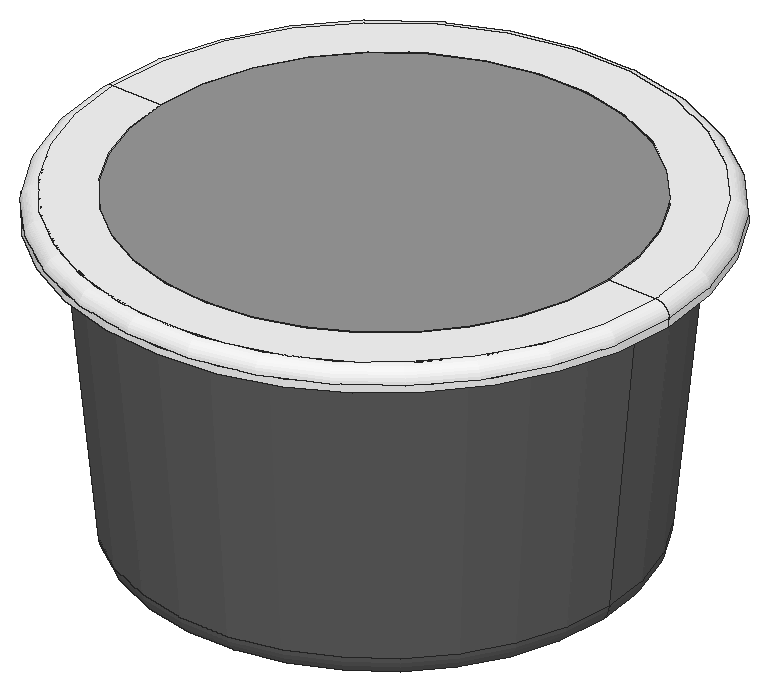
Revit family "3098117 Lighting Fixture_Sylvania_Insaver LED II 150 High_Ceiling Recessed", category Lighting Fixtures, host Face, Revit 2017
Family settings
  Host = Face
  Round Connector Dimension = Use Diameter
  Part Type = Normal
  OmniClass Number = 23.80.70.11.17
  OmniClass Title = Specialized Lighting by Location or Use
  Cut with Voids When Loaded = No
  Light Source = Yes
  Shared = No
  Room Calculation Point = No
Parameters (values of type "Insaver LED II 150 High Output NW 1-10")
  Ta Rating = "0°C to 55°C"  # constant formula
  Reflector Radius = Body Radius - 2.0 mm  # 73.0 mm
  Reflector Material = Metal_Sylvania_Insaver LED II_Polished
  Radius = Diameter / 2  # 84.5 mm
  LOR = "100%"  # constant formula
  IP Rating = "IP23 (44 with accessory)"  # constant formula
  Height = 87.0 mm
  Glare Control = "UGR <19 (using accessory)"  # constant formula
  Energy Class = "A++,A+,A"  # constant formula
  Weight = 0 kg
  Wattage = 24.7423 W
  built-in parameter 1150110 = 1 (stored number, unit not read)
  Voltage Comments = "UNV (Universal Voltage; 220-240 Volt)"  # constant formula
  Voltage = 230 V  # constant formula
  URL = "http://www.sylvania-lighting.com"
  built-in parameter 1114217 = 1 (stored number, unit not read)
  Tilt Angle = -90°
  built-in parameter 1150109 = 1 (stored number, unit not read)
  built-in parameter 1150134 = 12
  built-in parameter 1150113 = 1 (stored number, unit not read)
  Product Page URL = "http://www.sylvania-lighting.com/product/en-int/products/3098117"
  Product Family = "INSAVER LED II 150"  # constant formula
  Photometry Comments = ""
  Photometric Web File = "3098117_InsaverLEDII150HighOutputNW1-10-200607.ies"
  Life = "50 000 h"  # constant formula
  Emit from Circle Diameter = Diffuser Diameter  # 133.0 mm
  Emit Shape Visible in Rendering = no
  Drive Current = "900mA"  # constant formula
  Distribution type = "Direct - symmetrical"  # constant formula
  Diffuser Material = Glass_Sylvania_Insaver LED II_4000K
  Diffuser Diameter = Diameter - 36.0 mm  # 133.0 mm
  Diameter = 169.0 mm
  Cutout Diameter = Diameter - 19.0 mm  # 150.0 mm
  Colour consistency (SDCM) = "3 step"  # constant formula
  built-in parameter 1114216 [instance] = 1 (stored number, unit not read)
  Model = "Insaver LED II 150 High Output NW 1-10"
  Manufacturer = "Feilo Sylvania"
  built-in parameter 1150105 = 190.99 (stored number, unit not read)
  Lumens = 2400 lm
  built-in parameter 1150115 = 1 (stored number, unit not read)
  built-in parameter 1150137 = (empty or 0)
  built-in parameter 1150139 = (empty or 0)
  built-in parameter 1150112 = 1 (stored number, unit not read)
  built-in parameter 1150114 = 1 (stored number, unit not read)
  Lamp Comments = "Integrated LED"  # constant formula
  Lamp = ""
  built-in parameter 1150132 = 2
  built-in parameter 1150102 = (empty or 0)
  built-in parameter 1150107 = 4000 (stored number, unit not read)
  built-in parameter 1150138 = (empty or 0)
  built-in parameter 1150106 = 1.9099 (stored number, unit not read)
  CRI ( Ra ) = 80  # constant formula
  Body Material = Plastic_Sylvania_Insaver LED II_Black
  built-in parameter 1150104 = 9.0116 (stored number, unit not read)
  Dimming Lamp Color Temperature Shift = <None>
  Description = "Circular LED downlight with up to 114lm/W efficacy and 2,400 luminaire lumen output. Innovative easy installation system allows for a rapid, single point installation. For 150mm cut outs. IP44 or UGR<19 compliant with additional accessories. 3 hour emergency and surface mounted versions available. Plus3 version includes Wieland GST connector."  # constant formula
  Default Elevation = 0.0 mm
  Color Filter = 16777215
  Catalog Number = "3098117 Insaver LED II 150 High Output NW 1-10"
  built-in parameter 1140040 [instance] = 1
  Body Radius = Cutout Diameter / 2  # 75.0 mm
  Beam Angle = 76°  # constant formula
  built-in parameter 1114218 = 1 (stored number, unit not read)
  built-in parameter 1150133 = 10 (stored number, unit not read)
  Assembly Code = "D5020200"
  Apparent Load Comments = ""
  Apparent Load = 22 VA
  Accessory Material = Plastic_Sylvania_Insaver LED II_White
Reference planes
  plane 1 "Center (Front/Back)": y = 0
  plane 2: z = 0
  plane 3 "Center (Left/Right)": x = 0
  plane 4 "Fixture Top": z = -87
  plane 5 "Fixture Bottom": z = 6
  plane 6 "Reflector Top": z = -60
Forms (mm)
  Extrusion 1, void
    sketch origin (0, 0, 0) x (1, 0, 0) y (0, 1, 0)
      loop
        circle (0, 0) r 75
    from -87 to 0
  Revolve 2, solid, material "Plastic_Sylvania_Insaver LED II_White" <- "Accessory Material", detail levels fine
    sketch origin (0, 0, 0) x (1, 0, 0) y (0, 0, 1)
      loop
        line (-84.5, 0) -> (-66.5, 0) -> (-66.5, 6) -> (-80.5, 6)
        arc (-80.5, 6) -> (-83.328, 4.828) -> (-84.5, 2) r 4
        line (-84.5, 2) -> (-84.5, 0)
      axis (0, 6) -> (0, 0)
    angle from 0 to 360
  Revolve 3, solid, material "Plastic_Sylvania_Insaver LED II_Black" <- "Body Material", detail levels fine
    sketch origin (0, 0, 0) x (1, 0, 0) y (0, 0, 1)
      loop
        line (0, -87) -> (0, -85) -> (-59.475, -85)
        arc (-59.475, -85) -> (-62.901, -83.847) -> (-64.933, -80.857) r 5.666
        arc (-64.933, -80.857) -> (-70.978, -41.634) -> (-73, -2) r 389.454
        line (-73, -2) -> (-73, 0) -> (-75, 0) -> (-75, -2)
        arc (-75, -2) -> (-73.011, -41.414) -> (-67.063, -80.428) r 391.454
        arc (-67.063, -80.428) -> (-64.495, -85.129) -> (-59.475, -87) r 7.666
        line (-59.475, -87) -> (0, -87)
      axis (0, 0) -> (0, -87)
    angle from 0 to 360
  Extrusion 4, solid, material "Glass_Sylvania_Insaver LED II_4000K" <- "Diffuser Material", detail levels fine
    sketch origin (0, 0, 0) x (1, 0, 0) y (0, 1, 0)
      loop
        circle (0, 0) r 66.5
    from 0 to 6
  Revolve 5, solid, material "Metal_Sylvania_Insaver LED II_Polished" <- "Reflector Material", detail levels fine
    sketch origin (0, 0, 0) x (1, 0, 0) y (0, 0, 1)
      loop
        line (-73, 0) -> (-73, -2)
        arc (-73, -2) -> (-46.618, -43.735) -> (0, -60) r 74.94
        line (0, -60) -> (0, -58)
        arc (0, -58) -> (-45.285, -42.24) -> (-71, -1.769) r 72.94
        line (-71, -1.769) -> (-71, 0) -> (-73, 0)
      axis (0, 0) -> (0, -60)
    angle from 0 to 360
  Revolve 6, solid, material "Plastic_Sylvania_Insaver LED II_White" <- "Accessory Material", detail levels coarse+medium
    sketch origin (0, 0, 0) x (1, 0, 0) y (0, 0, 1)
      loop
        line (0, -87) -> (0, 6) -> (-84.5, 6) -> (-84.5, 0) -> (-75, 0) -> (-75, -2)
        arc (-75, -2) -> (-73.011, -41.414) -> (-67.063, -80.428) r 391.454
        arc (-67.063, -80.428) -> (-64.495, -85.129) -> (-59.475, -87) r 7.666
        line (-59.475, -87) -> (0, -87)
      axis (0, 6) -> (0, -87)
    angle from 0 to 360
Lines and regions (mm)
  Masking region 1
    outline origin (0, 0, 0) x (1, 0, 0) y (0, 1, 0)
      loop
        circle (0, 0) r 84.5
  symbolic lines, detail levels fine
    curve 1: arc (66.5, 0, 0) -> (0, 66.5, 0) -> (-66.5, 0, 0) r 66.5
    curve 2: arc (-66.5, 0, 0) -> (0, -66.5, 0) -> (66.5, 0, 0) r 66.5
Dimensions and locks
  "Height": plane 2 to plane 4 "Fixture Top"
  plane 5 "Fixture Bottom" to plane 2 = 6.0 mm
  "Radius": plane 3 "Center (Left/Right)" to Revolve 2 sketch curve
  locked: Revolve 2 sketch curve to plane 2 at 2
  Revolve 2 sketch curve to Revolve 2 sketch curve = 18.0 mm
  "Body Radius": plane 3 "Center (Left/Right)" to Revolve 3 sketch curve
  locked: Revolve 3 sketch curve to Revolve 3 sketch curve at 2
  locked: Revolve 3 sketch curve to plane 4 "Fixture Top" at 2
  "Reflector Radius": Revolve 5 sketch curve to plane 3 "Center (Left/Right)"
  locked: Revolve 5 sketch curve to Revolve 5 sketch curve at 2
  "Radius": Revolve 6 sketch curve to imposter light
  locked: Revolve 6 sketch curve to Revolve 6 sketch curve at 9.5
  "Cutout Diameter": diameter of Extrusion 1 sketch curve
  "Diffuser Diameter": diameter of Extrusion 4 sketch curve
  aligned and locked: plane 2 to host face
  aligned and locked: level to host face
  aligned and locked: Extrusion 1 to plane 4 "Fixture Top"
  aligned and locked: plane 2 to Extrusion 1
  aligned and locked: Revolve 2 sketch curve to plane 2
  aligned and locked: Revolve 2 sketch curve to plane 5 "Fixture Bottom"
  aligned and locked: Revolve 2 sketch curve to plane 3 "Center (Left/Right)"
  aligned and locked: Revolve 3 sketch curve to plane 3 "Center (Left/Right)"  (x2)
  aligned and locked: Extrusion 4 to plane 2
  aligned and locked: plane 5 "Fixture Bottom" to Extrusion 4
  aligned and locked: plane 4 "Fixture Top" to Revolve 3 sketch curve
  aligned and locked: Revolve 3 sketch curve to plane 2
  aligned and locked: Revolve 5 sketch curve to host face
  aligned and locked: Revolve 5 sketch curve to plane 3 "Center (Left/Right)"
  aligned and locked: plane 6 "Reflector Top" to Revolve 5 sketch curve
  aligned and locked: plane 3 "Center (Left/Right)" to Revolve 5 sketch curve
  aligned and locked: imposter light to plane 3 "Center (Left/Right)"
  aligned and locked: imposter light to plane 1 "Center (Front/Back)"
  aligned and locked: imposter light to plane 5 "Fixture Bottom"
  aligned and locked: Revolve 6 sketch curve to plane 3 "Center (Left/Right)"  (x2)
  aligned and locked: plane 4 "Fixture Top" to Revolve 6 sketch curve
  aligned and locked: Revolve 6 sketch curve to imposter light
  aligned and locked: Masking region 1 sketch curve to Revolve 6  (x2)
  aligned and locked: curve 1 to Extrusion 4
  aligned and locked: curve 2 to Extrusion 4
Automatic sketch dimensions
  host sketch curve to host sketch curve = 1040.406 mm
  host sketch curve to host sketch curve = 988.385 mm
  plane 1 "Center (Front/Back)" to Extrusion 1 sketch curve = 0.0 mm
  Extrusion 1 sketch curve to plane 3 "Center (Left/Right)" = 0.0 mm
  Revolve 2 sketch curve to level = 23.903 mm
  plane 5 "Fixture Bottom" to Revolve 2 sketch curve = 38.423 mm
  Revolve 3 sketch curve to Revolve 3 sketch curve = 0.0 mm  (x4)
  Revolve 3 sketch curve to plane 3 "Center (Left/Right)" = 59.475 mm
  Revolve 3 sketch curve to level = 2.0 mm
  plane 3 "Center (Left/Right)" to Revolve 3 sketch curve = 316.454 mm
  Revolve 3 sketch curve to Revolve 3 sketch curve = 5.666 mm
  Revolve 3 sketch curve to level = 21.34 mm
  plane 5 "Fixture Bottom" to Revolve 3 sketch curve = 47.66 mm
  plane 1 "Center (Front/Back)" to Extrusion 4 sketch curve = 0.0 mm
  Extrusion 4 sketch curve to plane 3 "Center (Left/Right)" = 0.0 mm
  Revolve 5 sketch curve to Revolve 5 sketch curve = 0.0 mm
  Revolve 5 sketch curve to Revolve 5 sketch curve = 2.0 mm
  Revolve 5 sketch curve to level = 2.0 mm
  Revolve 5 sketch curve to plane 4 "Fixture Top" = 30.934 mm
  Revolve 5 sketch curve to Revolve 5 sketch curve = 27.127 mm
  Revolve 6 sketch curve to level = 0.0 mm
  plane 4 "Fixture Top" to Revolve 6 sketch curve = 7.666 mm
  Revolve 6 sketch curve to plane 3 "Center (Left/Right)" = 59.475 mm
  Revolve 6 sketch curve to level = 2.0 mm
  plane 3 "Center (Left/Right)" to Revolve 6 sketch curve = 316.454 mm
  Revolve 6 sketch curve to level = 21.34 mm
  Revolve 6 sketch curve to Revolve 6 sketch curve = 47.66 mm
Connectors
  electrical at (0, 0, -87), driven by "Voltage", driven by "Apparent Load"
    settings: index 1, voltage 230 V, apparent load 0 VA, apparent load phase1 22 VA, apparent load phase2 0 VA, apparent load phase3 0 VA, power factor 1, load classification "Lighting", number of poles 1, system type 31, power factor state 1, is connector primary yes, connector utility no, sub classification motor no, connector description ""
